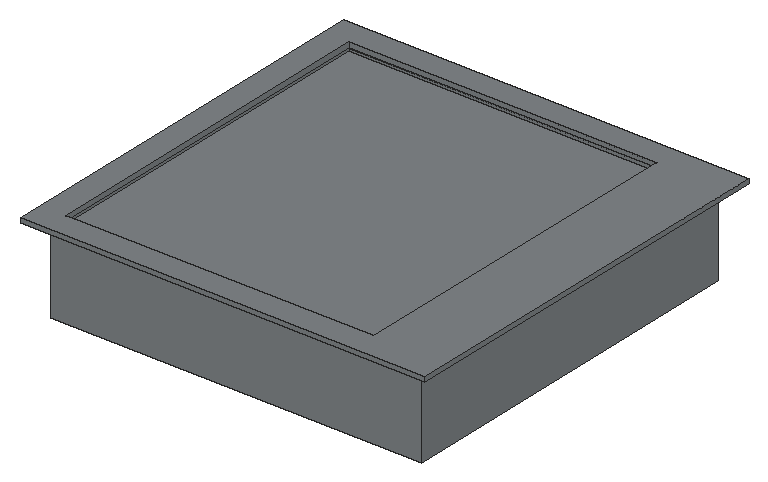
Revit family "Geräteeinsatz quadratisch für Estrichhöhe 55 mm", category Generic Models, Revit 2015
Parameters (values of type "GES9 55U V7011")
  Width 1 = 264 mm
  Width = 242 mm
  Material = OBO PA, Eisengrau
  Manufacturer Art.No. = "7405037"
  Manufacturer = "http://www.obo-bettermann.com"
  Length 1 = 264 mm
  Length = 242 mm
  Height 1 = 3 mm
  Height = 56 mm
  GTIN = "4012195674436"
  Article Type = "GES9 55U V 7011"
Types (3, lengths in mm): name | Material | Manufacturer Art.No. | GTIN | Article Type
  (no name) | OBO PA, Eisengrau | "7405037" | "4012195674436" | "GES9 55U V 7011"
  GES9 55U V7011 | OBO PA, Eisengrau | "7405037" | "4012195674436" | "GES9 55U V 7011"
  GES9 55U V 9011 | OBO PA, Graphitschwarz | "7405039" | "4012195674443" | "GES9 55U V 9011"
Reference planes
  plane 1 "Center (Front/Back)": y = 0
  plane 2: z = 0
  plane 3 "Center (Left/Right)": x = 0
  plane 4: z = 54
  plane 5: z = 54
Forms (mm)
  Extrusion 1, solid, material "OBO PA, Eisengrau"
    sketch origin (0, 3.626, 0) x (1, 0, 0) y (0, 0, 1)
      loop
        line (-121, 0) -> (121, 0) -> (121, 56) -> (-121, 56) -> (-121, 0)
    from -117.374 to 124.626
  Extrusion 2, solid, material "OBO PA, Eisengrau"
    sketch origin (0, 0, 0) x (1, 0, 0) y (0, 0, 1)
      loop
        line (132, 56) -> (132, 59) -> (-132, 59) -> (-132, 56) -> (132, 56)
    from -132 to 132
  Extrusion 3, void
    sketch origin (0, 0, 0) x (1, 0, 0) y (0, 1, 0)
      loop
        line (-115.4, 115.5) -> (-115.4, -115.5) -> (85.4, -115.5) -> (85.4, 115.5) -> (-115.4, 115.5)
    from 54 to 59
Cuts and joins
  Extrusion 3 cuts Extrusion 1
  Extrusion 3 cuts Extrusion 2
Dimensions and locks
  locked: Extrusion 1 sketch curve to plane 3 "Center (Left/Right)" at 121
  "Width": Extrusion 1 sketch curve to Extrusion 1 sketch curve
  "Height": Extrusion 1 sketch curve to level
  locked: Extrusion 1 to plane 1 "Center (Front/Back)" at 121
  "Length": Extrusion 1 to Extrusion 1
  "Height 1": Extrusion 2 sketch curve to Extrusion 2 sketch curve
  equal spacing: Extrusion 2 sketch curve, plane 3 "Center (Left/Right)", Extrusion 2 sketch curve, locked at 132 each
  "Width 1": Extrusion 2 sketch curve to Extrusion 2 sketch curve
  equal spacing: Extrusion 2, plane 1 "Center (Front/Back)", Extrusion 2
  "Length 1": Extrusion 2 to Extrusion 2
  locked: Extrusion 3 sketch curve to Extrusion 3 sketch curve at 200.8
  locked: Extrusion 2 to Extrusion 3 sketch curve at 16.6
  locked: Extrusion 3 sketch curve to Extrusion 3 sketch curve at 231
  equal spacing: Extrusion 3 sketch curve, plane 1 "Center (Front/Back)", Extrusion 3 sketch curve, locked at 115.5 each
  locked: plane 4 to Extrusion 2 at 5
  locked: plane 5 to cut or joined group of Extrusion 2, Extrusion 3 at 5
  aligned and locked: level to plane 2
  aligned and locked: Extrusion 2 sketch curve to Extrusion 1
  aligned and locked: cut or joined group of Extrusion 2, Extrusion 3 to Extrusion 3
  aligned and locked: Extrusion 3 to plane 5
Automatic sketch dimensions
  Extrusion 1 sketch curve to level = 0 mm
